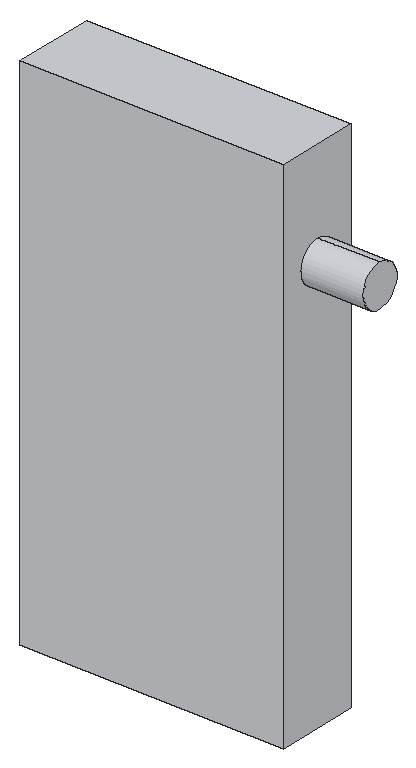
Revit family "KG_Abzweiger_V1700", category Kommunikationsgeräte, Revit 2017
Family settings
  Beschriftungsausrichtung beibehalten = Nein
  Bemaßung runder Anschluss = Durchmesser verwenden
  Teiletyp = Verteilerkasten
  OmniClass-Nummer = 23.85.00.00
  OmniClass-Titel = Information and Communication
  Arbeitsebenenbasiert = Nein
  Immer vertikal = Ja
  Beim Laden mit Abzugskörper schneiden = Nein
  Gemeinsam genutzt = Nein
  Raumberechnungspunkt = Nein
Parameters (values of type "Abzweiger_8fach")
  pbr_Material_KZ = ""
  pbr_Material = none
  pbr_E_Typ = ""
  pbr_E_KZ = ""
  pbr_DINBild = 0
  pbr_Bild = 0
  lfd_STRK [instance] = 0
  cpiFitMatchKey [instance] = "E-ABZ-1"  # constant formula
  Zentrale [instance] = ""
  Typ [instance] = ""
  Text3 [instance] = ""
  Text2 [instance] = ""
  Text1 [instance] = ""
  RleitungR = 15 mm
  RLeitungL = 15 mm
  RLeitungD [instance] = 5 mm
  Planungsbüro Rohling = "www.pbr.de"
  Niveau [instance] = 1100 mm
  Netzart = ""
  Menge(Dosenzahl) [instance] = 0
  Linie/Anschluss [instance] = ""
  Linie [instance] = ""
  Lastklassifizierung = none
  Installationsart [instance] = ""
  Info [instance] = ""
  Gewerk [instance] = "ANT"
  Eckversatz = 0 mm
  Bus [instance] = ""
  Boxtiefe = 20 mm
  Boxlänge = 125 mm
  Boxbreite = 63 mm
  Betriebsstrom ruhe [instance] = 0
  Betriebsstrom max [instance] = 0
  Abzweiger 8-fach = yes
  Abzweiger 6-fach = no
  Abzweiger 4-fach = no
  Abzweiger 2-fach = no
  Abzweiger 1-fach = no
Types (5, lengths in mm): name | Abzweiger 8-fach | Abzweiger 6-fach | Abzweiger 4-fach | Abzweiger 2-fach | Abzweiger 1-fach
  Abzweiger_1fach | no | no | no | no | yes
  Abzweiger_2fach | no | no | no | yes | no
  Abzweiger_4fach | no | no | yes | no | no
  Abzweiger_6fach | no | yes | no | no | no
  Abzweiger_8fach | yes | no | no | no | no
Reference planes
  plane 1 "Mitte (Vorne/Hinten)": y = 0
  plane 2: z = 0
  plane 3 "Mitte (Links/Rechts)": x = 0
  plane 4: x = -125
  plane 5: x = 148
  plane 6: y = 300
  plane 7 "Schalterhinten": y = 0
  plane 8: x = -2988.5
  plane 9: x = 11.5
  plane 10: x = -1988.5
  plane 11: x = -20
  plane 12: x = 43
  plane 13: z = 1162.5
  plane 14: z = 1037.5
  plane 15 "SchalterVorne": y = 20
  plane 16: z = 1100
  plane 17 "MitteBox": y = 10
  plane 18: z = 1162.5
  plane 19: z = 1037.5
  plane 20 "rechts links oben 1": z = 1137.5
  plane 21 "rechts links unten 1": z = 1062.5
  plane 22: x = -35
  plane 23 "rechts links oben 2": z = 1112.5
  plane 24 "rechts links unten 2": z = 1087.5
  plane 25: x = 58
Forms (mm)
  Extrusion 1, solid
    sketch origin (0, 20, 0) x (0, 0, 1) y (-1, 0, 0)
      loop
        line (1037.5, 20) -> (1037.5, -43) -> (1162.5, -43) -> (1162.5, 20) -> (1037.5, 20)
    from 0 to 20
  Sweep 2, solid
    path origin (134.336, 10, 1200) x (1, 0, 0) y (0, 0, -1)
      loop
        line (-76.336, 62.5) -> (-91.336, 62.5)
    profile origin (50.5, 10, 1137.5) x (0, 0, 1) y (0, 1, 0)
      loop
        circle (0, 0) r 5
Dimensions and locks
  plane 4 to plane 5 = 273 mm
  plane 6 to plane 7 "Schalterhinten" = 300 mm
  equal spacing: plane 4, plane 9, plane 5
  locked: plane 8 to plane 9 at 3000
  plane 8 to plane 3 "Mitte (Links/Rechts)" = 2988.5 mm
  locked: plane 1 "Mitte (Vorne/Hinten)" to plane 7 "Schalterhinten"
  plane 4 to plane 9 = 136.5 mm
  plane 9 to plane 10 = 2000 mm
  "Niveau": plane 16 to level
  plane 15 "SchalterVorne" to plane 1 "Mitte (Vorne/Hinten)" = 20 mm
  "Boxtiefe": plane 1 "Mitte (Vorne/Hinten)" to plane 15 "SchalterVorne"
  equal spacing: plane 1 "Mitte (Vorne/Hinten)", plane 17 "MitteBox", plane 15 "SchalterVorne"
  plane 18 to plane 13 = 0 mm
  plane 19 to plane 14 = 0 mm
  "RLeitungL": plane 11 to plane 22
  equal spacing: plane 19, plane 21 "rechts links unten 1", plane 24 "rechts links unten 2", plane 23 "rechts links oben 2", plane 20 "rechts links oben 1", plane 18
  "RleitungR": plane 25 to plane 12
  "Boxlänge": plane 19 to plane 18
  equal spacing: plane 18, plane 16, plane 19
  plane 12 to plane 11 = 63 mm
  "Boxbreite": plane 12 to plane 11
  equal spacing: plane 11, plane 9, plane 12
  "RLeitungD": radius of Sweep 2 sketch curve
  aligned and locked: level to plane 2
  aligned and locked: plane 14 to Extrusion 1 sketch curve
  aligned and locked: Extrusion 1 sketch curve to plane 11
  aligned and locked: Extrusion 1 sketch curve to plane 13
  aligned and locked: plane 1 "Mitte (Vorne/Hinten)" to nested 4
  aligned and locked: plane 1 "Mitte (Vorne/Hinten)" to nested 1
Automatic sketch dimensions
  Extrusion 1 sketch curve to plane 12 = 0 mm
  Sweep 2 sketch curve to plane 12 = 0 mm
  Sweep 2 sketch curve to plane 20 "rechts links oben 1" = 0 mm
  plane 25 to Sweep 2 sketch curve = 0 mm
  Sweep 2 sketch curve to plane 17 "MitteBox" = 0 mm
  profile plane to Sweep 2 sketch curve = 0 mm
Nested families
  nested 1: "Abzweiger einfach" at (58, 0, 0), visible <- "Abzweiger 1-fach", type "Abzweiger einfach"
  nested 2: "Abzweiger zweifach" at (58, 0, 0), visible <- "Abzweiger 2-fach", type "Abzweiger zweifach"
  nested 3: "Abzweiger vierfach" at (58, 0, 0), visible <- "Abzweiger 4-fach", type "Abzweiger vierfach"
  nested 4: "Abzweiger sechsfach" at (58, 0, 0), visible <- "Abzweiger 6-fach", type "Abzweiger sechsfach"
  nested 5: "Abzweiger achtfach" at (58, 0, 0), visible <- "Abzweiger 8-fach", type "Abzweiger achtfach"
Connectors
  electrical at (58, 10, 1137.5)
    settings: on Sweep 2, index 1, voltage 0 V, apparent load 0 VA, apparent load phase1 0 VA, apparent load phase2 0 VA, apparent load phase3 0 VA, power factor 1, load classification "Sonstige", number of poles 1, system type 31, power factor state 1, is connector primary yes, connector utility no, sub classification motor no, connector description ""
Definition of nested family "Abzweiger einfach"
  Reference planes
    plane 1 "Mitte (Vorne/Hinten)": y = 0
    plane 2: z = 0
    plane 3 "Mitte (Links/Rechts)": x = 0
  Lines and regions (mm)
    detail lines, in view "Referenzebene"
      curve 1: line (-105.035, 230.4, 0) -> (125.365, 230.4, 0)
      curve 2: line (125.365, 230.4, 0) -> (125.365, 0, 0)
      curve 3: line (125.365, 0, 0) -> (-105.035, 0, 0)
      curve 4: line (-105.035, 0, 0) -> (-105.035, 230.4, 0)
      curve 5: line (127.365, 116.094, 0) -> (191.631, 116.094, 0)
Definition of nested family "Abzweiger zweifach"
  Reference planes
    plane 1 "Mitte (Vorne/Hinten)": y = 0
    plane 2: z = 0
    plane 3 "Mitte (Links/Rechts)": x = 0
  Lines and regions (mm)
    detail lines, in view "Referenzebene"
      curve 1: line (-105.035, 230.4, 0) -> (125.365, 230.4, 0)
      curve 2: line (125.365, 230.4, 0) -> (125.365, 0, 0)
      curve 3: line (125.365, 0, 0) -> (-105.035, 0, 0)
      curve 4: line (-105.035, 0, 0) -> (-105.035, 230.4, 0)
      curve 5: line (127.365, 116.094, 0) -> (191.631, 116.094, 0)
      curve 6: line (-169.302, 116.094, 0) -> (-105.035, 116.094, 0)
Definition of nested family "Abzweiger vierfach"
  Reference planes
    plane 1 "Mitte (Vorne/Hinten)": y = 0
    plane 2: z = 0
    plane 3 "Mitte (Links/Rechts)": x = 0
  Lines and regions (mm)
    detail lines, in view "Referenzebene"
      curve 1: line (-106.643, 230.4, 0) -> (123.757, 230.4, 0)
      curve 2: line (123.757, 230.4, 0) -> (123.757, 0, 0)
      curve 3: line (123.757, 0, 0) -> (-106.643, 0, 0)
      curve 4: line (-106.643, 0, 0) -> (-106.643, 230.4, 0)
      curve 5: line (125.757, 144.419, 0) -> (190.024, 144.419, 0)
      curve 6: line (-170.909, 144.419, 0) -> (-106.643, 144.419, 0)
      curve 7: line (125.757, 92.136, 0) -> (190.024, 92.136, 0)
      curve 8: line (-170.909, 92.136, 0) -> (-106.643, 92.136, 0)
Definition of nested family "Abzweiger sechsfach"
  Reference planes
    plane 1 "Mitte (Vorne/Hinten)": y = 0
    plane 2: z = 0
    plane 3 "Mitte (Links/Rechts)": x = 0
  Lines and regions (mm)
    detail lines, in view "Referenzebene"
      curve 1: line (-111.465, 230.4, 0) -> (118.935, 230.4, 0)
      curve 2: line (118.935, 230.4, 0) -> (118.935, 0, 0)
      curve 3: line (118.935, 0, 0) -> (-111.465, 0, 0)
      curve 4: line (-111.465, 0, 0) -> (-111.465, 230.4, 0)
      curve 5: line (120.935, 167.483, 0) -> (185.202, 167.483, 0)
      curve 6: line (-175.731, 167.483, 0) -> (-111.465, 167.483, 0)
      curve 7: line (120.935, 115.2, 0) -> (185.202, 115.2, 0)
      curve 8: line (-175.731, 115.2, 0) -> (-111.465, 115.2, 0)
      curve 9: line (120.935, 63.81, 0) -> (185.202, 63.81, 0)
      curve 10: line (-175.731, 63.81, 0) -> (-111.465, 63.81, 0)
Definition of nested family "Abzweiger achtfach"
  Reference planes
    plane 1 "Mitte (Vorne/Hinten)": y = 0
    plane 2: z = 0
    plane 3 "Mitte (Links/Rechts)": x = 0
  Lines and regions (mm)
    detail lines, in view "Referenzebene"
      curve 1: line (-119.38, 232.526, 0) -> (111.02, 232.526, 0)
      curve 2: line (111.02, 232.526, 0) -> (111.02, 2.126, 0)
      curve 3: line (111.02, 2.126, 0) -> (-119.38, 2.126, 0)
      curve 4: line (-119.38, 2.126, 0) -> (-119.38, 232.526, 0)
      curve 5: line (111.02, 194.201, 0) -> (175.287, 194.201, 0)
      curve 6: line (-185.647, 194.201, 0) -> (-121.38, 194.201, 0)
      curve 7: line (111.02, 141.918, 0) -> (175.287, 141.918, 0)
      curve 8: line (-185.647, 141.918, 0) -> (-121.38, 141.918, 0)
      curve 9: line (111.02, 90.528, 0) -> (175.287, 90.528, 0)
      curve 10: line (-185.647, 90.528, 0) -> (-121.38, 90.528, 0)
      curve 11: line (111.02, 39.138, 0) -> (175.287, 39.138, 0)
      curve 12: line (-185.647, 39.138, 0) -> (-121.38, 39.138, 0)
